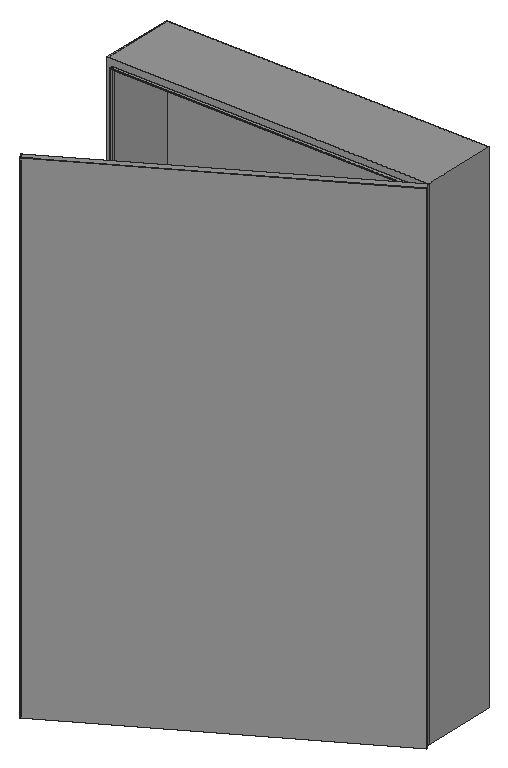
Revit family "Hager-Univers-IP54-D205-H1250-Cl.II-Encl-NoHosted-PT-pt", category Electrical Equipment, Revit 2020
Family settings
  Panel Configuration = Two Columns, Circuits Across
  Round Connector Dimension = Use Diameter
  Part Type = Panelboard
  Work Plane-Based = Yes
  Always vertical = Yes
  Cut with Voids When Loaded = No
  Shared = No
  Room Calculation Point = No
Parameters (values of type "Montagem em superfície (gesso) IP54 L800 A1250 P205  - FP83SW2")
  Width Control [instance] = if([EF000008 - Largura] > Min Width, [EF000008 - Largura], Min Width)  # 800 mm
  Type Comments = [HG000003 - Gama]  # "Univers"
  Thickness Door [instance] = if([EF009171 - Espessura do material da porta/tampa] > 3 mm, 3 mm, [EF009171 - Espessura do material da porta/tampa])  # 1 mm
  Seal Frame Offset [instance] = 17 mm  # constant formula
  Plinth Visibility [instance] = [HG000027 - Altura da Plinta] > 0 mm  # no
  Min Width [instance] = 100 mm  # constant formula
  Min Depth [instance] = (2 * [EF009170 - Espessura do material do invólucro]) + 1 mm  # 3 mm
  Min Height [instance] = 100 mm  # constant formula
  Internal Frame Depth [instance] = (Door System Depth * 0.5)  # 9 mm
  Panel Name [instance] = ""  # (empty or 0)
  Model = ""
  HG000027 - Altura da Plinta = 0 mm
  HG000026 - Instalação no chão = no
  HG000024 - Altura da secção inferior = 600 mm
  HG000023 - Recinto de secção dupla = no
  HG000016 - Visibilidade da porta 3D [instance] = yes
  HG000015 - Visibilidade através da porta [instance] = no
  HG000014 - Porta à direita [instance] = yes
  HG000013 - Porta à esquerda [instance] = not([HG000014 - Porta à direita])  # no
  HG000012 - Ângulo de abertura de porta [instance] = 30.00°
  HG000010 - Portas assimétricas = no
  HG000009 - Porta dupla = no
  HG000006 - Encastrado = no
  HG000004 - Referência do Fabricante = "FP83SW2"
  HG000003 - Gama = "Univers"
  HG000002 - Com porta ou tampa = yes
  Frame Offset Bottom [instance] = 10 mm  # constant formula
  Frame Offset [instance] = 15 mm  # constant formula
  EF015940 - Tampa com libertação de sobrepressão = no
  EF011959 - Grau de proteção (NEMA) = ""
  EF009554 - Número de aberturas para placas de flange = 6
  EF009212 - Tipo de tampa = "EV000116 - Fechado"
  EF009171 - Espessura do material da porta/tampa = 1 mm
  EF009170 - Espessura do material do invólucro = 1 mm
  EF008873 - Corrente nominal (In) = 250 A
  EF007800 - Adequado para proteção contra raios = no
  EF006306 - Com fecho = no
  EF006244 - Tampa/porta transparente = no
  EF005474 - Grau de proteção (IP) = "EV006419 - IP54"
  EF004464 - Tipo de porta = "EV002646 - Único"
  EF004427 - Número de módulos = 288
  EF004293 - Força de impacto = "EV006813 - IK07"
  EF003532 - Adequado para uso no exterior = no
  EF002950 - Largura em número de módulos = 36
  EF001613 - Integridade do circuito = "EV000494 - Nenhum"
  EF001596 - Material do corpo = "EV000179 - Aço"
  EF001131 - Profundidade interior = 130 mm
  EF001088 - Extensão possível = yes
  EF000437 - Número de entradas de condutores = 6
  EF000339 - Tipo de difusor = "EV004216 - Porta"
  EF000266 - Número de linhas = 8
  EF000218 - Profundidade incorporada = 205 mm
  EF000118 - Com tampa de montagem = no
  EF000116 - Número RAL = "9010"
  EF000049 - Profundidade = 205 mm
  EF000040 - Altura = 1250 mm
  EF000008 - Largura = 800 mm
  EF000007 - Cor = "EV000202 - Branco"
  EF000003 - Método de montagem = "EV000384 - Montagem em superfície (gesso)"
  Door System Leaf Tolerance [instance] = 1.5 mm  # constant formula
  Door System Depth [instance] = 18 mm  # constant formula
  Door Height [instance] = Height Control - [HG000027 - Altura da Plinta]  # 1250 mm
  Description = ""
  Default Elevation = 1219.2 mm
  Connector Offset [instance] = Height Control / 2  # 625 mm
  Manufacturer = "Hager"  # constant formula
  Height Control [instance] = if([EF000040 - Altura] > Min Height, [EF000040 - Altura], Min Height)  # 1250 mm
  Depth Control [instance] = if([EF000049 - Profundidade] > Min Depth, [EF000049 - Profundidade], Min Depth)  # 205 mm
  Bottom Top Plate Trim [instance] = 1.5 mm  # constant formula
  Plinth height Ctrl [instance] = if([HG000027 - Altura da Plinta] > 0 mm, [HG000027 - Altura da Plinta], 12 mm)  # 12 mm
Types (5, lengths in mm): name | Width Control | HG000010 - Portas assimétricas | HG000009 - Porta dupla | HG000004 - Referência do Fabricante | EF009554 - Número de aberturas para placas de flange | EF004464 - Tipo de porta | EF004427 - Número de módulos | EF004293 - Força de impacto | EF002950 - Largura em número de módulos | EF000437 - Número de entradas de condutores | EF000008 - Largura
  Montagem em superfície (gesso) IP54 L1050 A1250 P205  - FP84SW2 | 1050 | no | yes | "FP84SW2" | 8 | "EV003602 - Duplo" | 384 | "EV006815 - IK09" | 48 | 8 | 1050
  Montagem em superfície (gesso) IP54 L1300 A1250 P205  - FP85SW2 | 1300 | yes | yes | "FP85SW2" | 10 | "EV003602 - Duplo" | 480 | "EV006815 - IK09" | 60 | 10 | 1300
  Montagem em superfície (gesso) IP54 L300 A1250 P205  - FP81SW2 | 300 | no | no | "FP81SW2" | 2 | "EV002646 - Único" | 96 | "EV006815 - IK09" | 12 | 2 | 300
  Montagem em superfície (gesso) IP54 L550 A1250 P205  - FP82SW2 | 550 | no | no | "FP82SW2" | 4 | "EV002646 - Único" | 192 | "EV006815 - IK09" | 24 | 4 | 550
  Montagem em superfície (gesso) IP54 L800 A1250 P205  - FP83SW2 | 800 | no | no | "FP83SW2" | 6 | "EV002646 - Único" | 288 | "EV006813 - IK07" | 36 | 6 | 800
Reference planes
  plane 1 "Center (Front/Back)": y = 0
  plane 2: z = 0
  plane 3 "Center (Left/Right)": x = 0
  plane 4: y = 0
  plane 5: y = 0
  plane 6: z = 0
  plane 7: x = -400
  plane 8: x = 400
  plane 9: x = 399
  plane 10: x = -399
  plane 11: z = 0
  plane 12: z = 1
  plane 13: y = -205
  plane 14: y = -1
  plane 15: x = 0
  plane 16: y = -187
  plane 17: y = -204
  plane 18: y = -186
  plane 19: x = -384
  plane 20: x = 384
  plane 21: z = 11
  plane 22: x = -383
  plane 23: x = 383
  plane 24: z = 0
  plane 25: z = 1250
  plane 26: z = 1250
  plane 27: z = 1234
  plane 28: z = 1249
Forms (mm)
  Extrusion 1, solid, material "Hager_Steel_RAL7035_Light_Grey", detail levels medium+fine
    sketch origin (-208.679, -4572, 0) x (-1, 0, 0) y (0, -1, 0)
      loop
        line (191.321, -4385) -> (-608.679, -4385) -> (-608.679, -4572) -> (191.321, -4572) -> (191.321, -4385)
    from 0 to 1250
  Extrusion 2, void
    sketch origin (-350.771, -205, 1219.2) x (1, 0, 0) y (0, 0, 1)
      loop
        line (-48.229, 29.8) -> (-48.229, -1218.2) -> (749.771, -1218.2) -> (749.771, 29.8) -> (-48.229, 29.8)
    from -19 to -204
  Extrusion 3, void
    sketch origin (-290.084, -187, 1219.2) x (1, 0, 0) y (0, 0, 1)
      loop
        line (-93.916, -1208.2) -> (674.084, -1208.2) -> (674.084, 14.8) -> (-93.916, 14.8) -> (-93.916, -1208.2)
    from 0 to -1
  Extrusion 4, solid, material "Hager_Steel_RAL7035_Light_Grey", visible <- "Plinth Visibility", detail levels medium+fine
    sketch origin (0, 0, 0) x (1, 0, 0) y (0, 1, 0)
      loop
        line (-400, 0) -> (-400, -187) -> (400, -187) -> (400, 0) -> (-400, 0)
    from 0 to 12 <- "Plinth height Ctrl"
  Extrusion 5, solid, material "Hager_Steel_RAL7035_Light_Grey", detail levels coarse
    sketch origin (0, 0, 0) x (1, 0, 0) y (0, 1, 0)
      loop
        line (-400, 0) -> (-400, -205) -> (400, -205) -> (400, 0) -> (-400, 0)
    from 0 to 1250 <- "Height Control"
  Sweep 6, void
    path in 3D
      loop
        line (-400, -187, 12) -> (400, -187, 12) -> (400, 0, 12) -> (-400, 0, 12) -> (-400, -187, 12)
    profile origin (-400, -93.5, 12) x (1, 0, 0) y (0, 0, 1)
      loop
        line (0, 0) -> (0, -1.5) -> (1.5, -1.5)
        arc (1.5, -1.5) -> (1.061, -0.439) -> (0, 0) r 1.5
  Extrusion 7, solid, material "Hager_Steel_RAL7035_Light_Grey", detail levels fine
    sketch origin (-400, -187, 0) x (1, 0, 0) y (0, 0, 1)
      loop
        line (16, 11) -> (784, 11) -> (784, 1234) -> (16, 1234) -> (16, 11)
      loop
        line (15, 10) -> (785, 10) -> (785, 1235) -> (15, 1235) -> (15, 10)
    from 0 to 9 <- "Internal Frame Depth"
Cuts and joins
  Extrusion 2, Extrusion 3 cuts Extrusion 1
  Sweep 6 cuts Extrusion 4
Lines and regions (mm)
  Masking region 1
    outline origin (0, 0, 0) x (1, 0, 0) y (0, 1, 0)
      loop
        line (-400, 0) -> (-400, -205) -> (400, -205) -> (400, 0) -> (-400, 0)
  Masking region 2, detail levels coarse
    outline origin (-290.084, -187, 1219.2) x (-1, 0, 0) y (0, 0, 1)
      loop
        line (-690.084, -1219.2) -> (109.916, -1219.2) -> (109.916, 30.8) -> (-690.084, 30.8) -> (-690.084, -1219.2)
  Masking region 3, detail levels coarse
    outline origin (0, 0, 0) x (0, 1, 0) y (0, 0, 1)
      loop
        line (0, 0) -> (0, 1250) -> (-205, 1250) -> (-205, 0) -> (0, 0)
  Masking region 4, visible <- "Plinth Visibility", detail levels medium+fine
    outline origin (0, 0, 0) x (0, 1, 0) y (0, 0, 1)
      loop
        line (-1.5, 12) -> (-185.5, 12)
        arc (-185.5, 12) -> (-185.939, 10.939) -> (-187, 10.5) r 1.5
        line (-187, 10.5) -> (-187, 0) -> (0, 0) -> (0, 10.5)
        arc (0, 10.5) -> (-1.061, 10.939) -> (-1.5, 12) r 1.5
  Masking region 5, detail levels medium+fine
    outline origin (0, 0, 594.038) x (0, 1, 0) y (0, 0, 1)
      loop
        line (0, -594.038) -> (0, 655.962) -> (-187, 655.962) -> (-187, -594.038) -> (0, -594.038)
  Masking region 6, detail levels medium+fine
    outline origin (-359.7, -187, 1211.883) x (-1, 0, 0) y (0, 0, 1)
      loop
        line (-759.7, -1211.883) -> (40.3, -1211.883) -> (40.3, 38.117) -> (-759.7, 38.117) -> (-759.7, -1211.883)
  Masking region 7, visible <- "Plinth Visibility", detail levels medium+fine
    outline origin (-320.334, -187, 1041.368) x (-1, 0, 0) y (0, 0, 1)
      loop
        line (-720.334, -1041.368) -> (79.666, -1041.368) -> (79.666, -1030.868)
        arc (79.666, -1030.868) -> (78.606, -1030.429) -> (78.166, -1029.368) r 1.5
        line (78.166, -1029.368) -> (-718.834, -1029.368)
        arc (-718.834, -1029.368) -> (-719.273, -1030.429) -> (-720.334, -1030.868) r 1.5
        line (-720.334, -1030.868) -> (-720.334, -1041.368)
  sketch lines
    curve 1: line (-400, 0, 12) -> (-400, -187, 12)
    curve 2: line (-400, -187, 12) -> (400, -187, 12)
    curve 3: line (400, 0, 12) -> (-400, 0, 12)
    curve 4: line (400, -187, 12) -> (400, 0, 12)
Dimensions and locks
  locked: plane 1 "Center (Front/Back)" to plane 5
  "EF009170 - Espessura do material do invólucro": plane 7 to plane 10
  "EF009170 - Espessura do material do invólucro": plane 8 to plane 9
  equal spacing: plane 7, plane 3 "Center (Left/Right)", plane 8
  "Width Control": plane 7 to plane 8
  "Depth Control": plane 4 to plane 13
  "EF009170 - Espessura do material do invólucro": plane 4 to plane 14
  "Height Control": plane 25 to level
  "HG000027 - Altura da Plinta": plane 11 to level
  "EF009170 - Espessura do material do invólucro": plane 12 to plane 11
  "EF009170 - Espessura do material do invólucro": plane 17 to plane 13
  "EF009170 - Espessura do material do invólucro": plane 18 to plane 16
  "Frame Offset Bottom": plane 21 to plane 12
  "Frame Offset": plane 10 to plane 19
  "Frame Offset": plane 9 to plane 20
  "Door System Depth": plane 16 to plane 13
  "Seal Frame Offset": plane 7 to plane 22
  "Seal Frame Offset": plane 8 to plane 23
  "EF009170 - Espessura do material do invólucro": plane 26 to plane 28
  "Frame Offset": plane 28 to plane 27
  "Connector Offset": plane 2 to connector elem
  "Bottom Top Plate Trim": profile plane to Sweep 6 sketch curve
  "Bottom Top Plate Trim": Sweep 6 sketch curve to Sweep 6 sketch curve
  "Plinth height Ctrl": Masking region 4 sketch curve to level
  "Plinth height Ctrl": Masking region 7 sketch curve to level
  "Thickness Door": Extrusion 7 sketch curve to Extrusion 7 sketch curve  (x4)
  "Bottom Top Plate Trim": radius of Sweep 6 sketch curve
  "Bottom Top Plate Trim": radius of Masking region 4 sketch curve  (x2)
  "Bottom Top Plate Trim": radius of Masking region 7 sketch curve  (x2)
  aligned and locked: Extrusion 2 sketch curve to plane 12
  aligned and locked: Extrusion 2 sketch curve to plane 9
  aligned and locked: Extrusion 2 sketch curve to plane 10
  aligned and locked: Extrusion 2 to plane 14
  aligned and locked: Extrusion 1 sketch curve to plane 4
  aligned and locked: plane 8 to Extrusion 1 sketch curve
  aligned and locked: plane 7 to Extrusion 1 sketch curve
  aligned and locked: Extrusion 2 to plane 18
  aligned and locked: Extrusion 3 sketch curve to plane 19
  aligned and locked: plane 20 to Extrusion 3 sketch curve
  aligned and locked: Extrusion 3 to Extrusion 2
  aligned and locked: Extrusion 3 sketch curve to plane 21
  aligned and locked: plane 3 "Center (Left/Right)" to nested 1
  aligned and locked: Extrusion 1 sketch curve to plane 16
  aligned and locked: Extrusion 4 sketch curve to cut or joined group of Extrusion 1, Extrusion 2, Extrusion 3
  aligned and locked: Masking region 1 sketch curve to plane 7
  aligned and locked: Masking region 1 sketch curve to plane 5
  aligned and locked: Masking region 1 sketch curve to plane 8
  aligned and locked: Masking region 2 sketch curve to level
  aligned and locked: level to Masking region 3 sketch curve
  aligned and locked: plane 1 "Center (Front/Back)" to Masking region 3 sketch curve
  aligned and locked: plane 13 to Masking region 3 sketch curve
  aligned and locked: plane 5 to Masking region 4 sketch curve
  aligned and locked: Masking region 2 sketch curve to plane 8
  aligned and locked: Masking region 2 sketch curve to plane 7
  aligned and locked: plane 7 to nested 2
  aligned and locked: nested 2 to plane 5
  aligned and locked: plane 5 to Masking region 5 sketch curve
  aligned and locked: plane 26 to Masking region 5 sketch curve
  aligned and locked: Extrusion 5 sketch curve to plane 8
  aligned and locked: Extrusion 5 sketch curve to plane 7
  aligned and locked: Extrusion 5 sketch curve to plane 5
  aligned and locked: Extrusion 3 sketch curve to plane 27
  aligned and locked: Extrusion 2 sketch curve to plane 28
  aligned and locked: Masking region 2 to plane 25
  aligned and locked: Extrusion 4 to plane 16
  aligned and locked: profile plane to Sweep 6 sketch curve
  aligned and locked: Masking region 5 sketch curve to plane 24
  aligned and locked: level to Masking region 4 sketch curve
  aligned and locked: Masking region 1 to plane 13
  aligned and locked: nested 1 to plane 16
  aligned and locked: Masking region 3 to plane 25
  aligned and locked: plane 16 to Masking region 4 sketch curve
  aligned and locked: Masking region 5 sketch curve to plane 16
  aligned and locked: plane 24 to plane 11
  aligned and locked: plane 26 to plane 25
  aligned and locked: plane 26 to cut or joined group of Extrusion 1, Extrusion 2, Extrusion 3
  aligned and locked: nested 1 to plane 24
  aligned and locked: Extrusion 1 to Extrusion 3
  aligned and locked: Masking region 6 sketch curve to plane 8
  aligned and locked: Masking region 6 sketch curve to plane 24
  aligned and locked: Masking region 6 sketch curve to plane 7
  aligned and locked: Masking region 6 sketch curve to plane 26
  aligned and locked: Masking region 7 sketch curve to plane 7
  aligned and locked: level to Masking region 7 sketch curve
  aligned and locked: Masking region 7 sketch curve to plane 8
  aligned and locked: Extrusion 7 sketch curve to cut or joined group of Extrusion 1, Extrusion 2, Extrusion 3  (x4)
Automatic sketch dimensions
  plane 19 to Extrusion 3 sketch curve = 0 mm
  Extrusion 3 sketch curve to plane 20 = 0 mm
  Extrusion 3 sketch curve to plane 21 = 0 mm
  Extrusion 4 sketch curve to plane 7 = 0 mm
  Extrusion 4 sketch curve to plane 8 = 0 mm
  Extrusion 4 sketch curve to plane 16 = 0 mm
  Masking region 1 sketch curve to plane 13 = 0 mm
  Masking region 2 sketch curve to plane 25 = 0 mm
  Masking region 3 sketch curve to plane 25 = 0 mm
  Extrusion 5 sketch curve to plane 13 = 0 mm
  profile plane to Sweep 6 sketch curve = 0 mm
Nested families
  nested 1: "EC000058_Univers_Door" at (0, -187, 0), Double <- "HG000009 - Porta dupla", Transparent <- "EF006244 - Tampa/porta transparente", Angle <- "HG000012 - Ângulo de abertura de porta", Door_Right <- "HG000014 - Porta à direita", Assymetrical <- "HG000010 - Portas assimétricas", Door <- "HG000002 - Com porta ou tampa", Width_Ctrl <- "Width Control", 3d_Door <- "HG000016 - Visibilidade da porta 3D", Clearance <- "HG000015 - Visibilidade através da porta", Door_Left <- "HG000013 - Porta à esquerda", Width <- "Width Control", Door_Depth <- "Door System Depth", Leaf_Tolerance <- "Door System Leaf Tolerance", Height <- "Door Height", Lock_Visibility <- "EF006306 - Com fecho", Thickness <- "Thickness Door", type "EC000058_Univers_Door", detail levels medium+fine
    with min_wh 3 mm, Width_Ctrl 800 mm, Width 800 mm, Transparent no, Thickness 1 mm, Seal_Material Hager_Rubber, Lock_Visibility no, Lock_Material Hager_Plastic_RAL9005_Jet_Black, Leaf_Width 800 mm, Leaf_Tolerance_External_Sides 0 mm, Leaf_Tolerance 1.5 mm, Leaf_Offset 0 mm, Leaf_Height 1247 mm, Leaf_2_Width 800 mm, Leaf_2_Offset 400 mm, Leaf_1_Width 800 mm, Leaf_1_Offset 400 mm, Height_Ctrl 1250 mm, Height 1250 mm, Glass_Material Hager_Glass, Double_Clearance_Ctrl no, Double no, Door_Right_Ctrl yes, Door_Right yes, Door_Material Hager_Steel_RAL7035_Light_Grey, Door_Left_Ctrl no, Door_Left no, Door_Depth 18 mm, Door yes, Clearance_Material Hager_Clearance, Clearance_Depth 800 mm, Clearance_Ctrl no, Clearance no, Assymetrical no, Angle 30.00°, 3d_Door yes
  nested 2: "Hager_Enclosure_Symbol" at (-400, 0, 0), Height <- "Depth Control", Width <- "Width Control", type "Hager_Enclosure_Symbol"
    with Width_Ctrl 800 mm, Width 800 mm, Height_Ctrl 205 mm, Height 205 mm, A_Width_Int 13.453 mm, A_Width 161.438 mm, A_Height_Ctrl 179.375 mm, A_Height 179.375 mm
Connectors
  electrical at (0, 0, 625)
    settings: on plane 1 "Center (Front/Back)", index 1, voltage 0 V, apparent load 0 VA, apparent load phase1 0 VA, apparent load phase2 0 VA, apparent load phase3 0 VA, power factor 1, load classification "Other", number of poles 1, system type 30, power factor state 1, is connector primary yes, connector utility no, sub classification motor no, connector description ""
Definition of nested family "EC000058_Univers_Door"
  Parameters (values of type "EC000058_Univers_Door")
    min_wh [instance] = (2 * Thickness) + 1 mm  # 11 mm
    Width_Ctrl [instance] = 400 mm
    Width [instance] = 500 mm
    Transparent [instance] = yes
    Thickness [instance] = 5 mm
    Seal_Material [instance] = none
    Lock_Visibility [instance] = yes
    Lock_Material [instance] = none
    Leaf_Width [instance] = if((Width_Ctrl - 2 * Leaf_Tolerance_External_Sides) > 0 mm, (Width_Ctrl - 2 * Leaf_Tolerance_External_Sides), min_wh)  # 400 mm
    Leaf_Tolerance_External_Sides [instance] = 0 mm  # constant formula
    Leaf_Tolerance [instance] = 1.5 mm
    Leaf_Offset [instance] = 0 mm  # constant formula
    Leaf_Height [instance] = if((Height_Ctrl - 2 * Leaf_Tolerance) > 0 mm, (Height_Ctrl - 2 * Leaf_Tolerance), min_wh)  # 497 mm
    Leaf_2_Width [instance] = if(and(and(Double, Assymetrical), Door_Left), (Leaf_Width / 3) - (Leaf_Tolerance / 2), if(and(and(Double, Assymetrical), Door_Right), (Leaf_Width / 3) * 2 - (Leaf_Tolerance / 2), if(and(Double, not(Assymetrical)), (Leaf_Width / 2) - Leaf_Tolerance, Leaf_Width)))  # 400 mm
    Leaf_2_Offset [instance] = if(and(Double, Assymetrical), Leaf_2_Width / 2, if(and(Double, not(Assymetrical)), Leaf_Width / 4, Leaf_Width / 2))  # 200 mm
    Leaf_1_Width [instance] = if(and(and(Double, Assymetrical), Door_Right), (Leaf_Width / 3) - (Leaf_Tolerance / 2), if(and(and(Double, Assymetrical), Door_Left), (Width / 3) * 2 - (Leaf_Tolerance / 2), if(and(Double, not(Assymetrical)), (Leaf_Width / 2) - Leaf_Tolerance, Leaf_Width)))  # 400 mm
    Leaf_1_Offset [instance] = if(and(Double, Assymetrical), Leaf_1_Width / 2, if(and(Double, not(Assymetrical)), Leaf_Width / 4, Leaf_Width / 2))  # 200 mm
    Height_Ctrl [instance] = if(Height > min_wh, Height, min_wh)  # 500 mm
    Height [instance] = 500 mm
    Glass_Material [instance] = none
    Double_Clearance_Ctrl [instance] = and(Double, Clearance)  # no
    Double [instance] = no
    Door_Right_Ctrl [instance] = and(or(Door_Right, Double), Door)  # yes
    Door_Right [instance] = yes
    Door_Material [instance] = none
    Door_Left_Ctrl [instance] = and(or(Door_Left, Double), Door)  # no
    Door_Left [instance] = no
    Door_Depth [instance] = 30 mm
    Door [instance] = yes
    Default Elevation = 1219.2 mm
    Clearance_Material [instance] = none
    Clearance_Depth [instance] = if(Leaf_1_Width > Leaf_2_Width, Leaf_1_Width, Leaf_2_Width)  # 400 mm
    Clearance_Ctrl [instance] = and(not(Double), Clearance)  # yes
    Clearance [instance] = yes
    Assymetrical [instance] = yes
    Angle [instance] = 30.00°
    3d_Door [instance] = yes
  Reference planes
    plane 1 "Center (Front/Back)": y = 0
    plane 2 "Bottom": z = 0
    plane 3 "Center (Left/Right)": x = 0
    plane 4: z = 500
    plane 5: x = -200
    plane 6: x = 200
    plane 7: z = 500
    plane 8: x = -200
    plane 9: z = 0
    plane 10: x = 200
    plane 11: y = 0
    plane 12: z = 1.5
    plane 13: x = -600
    plane 14: y = -400
    plane 15: x = 600
    plane 16: x = 0
    plane 17: x = 0
    plane 18: x = -200
    plane 19: x = 200
    plane 20: z = 498.5
  Forms (mm)
    Extrusion 1, solid, material <- "Clearance_Material", visible <- "Double_Clearance_Ctrl"
      sketch origin (1200, 0, 0) x (1, 0, 0) y (0, 0, -1)
        loop
          line (-1800, -498.5) -> (-600, -498.5) -> (-600, 0) -> (-1800, 0) -> (-1800, -498.5)
      from 0 to -400
  Dimensions and locks
    equal spacing: plane 5, plane 3 "Center (Left/Right)", plane 6
    "Width_Ctrl": plane 5 to plane 6
    "Leaf_Offset": plane 5 to plane 8
    "Leaf_Offset": plane 6 to plane 10
    "Leaf_Offset": plane 9 to level
    "Leaf_Offset": plane 4 to plane 7
    "Height_Ctrl": plane 4 to level
    "Leaf_Tolerance": plane 12 to plane 9
    locked: plane 11 to plane 1 "Center (Front/Back)"
    "Leaf_1_Offset": plane 18 to plane 16
    "Leaf_2_Offset": plane 17 to plane 19
    "Leaf_1_Width": plane 13 to plane 8
    "Leaf_2_Width": plane 10 to plane 15
    "Clearance_Depth": plane 14 to plane 1 "Center (Front/Back)"
    "Leaf_Tolerance_External_Sides": plane 8 to plane 18
    "Leaf_Tolerance_External_Sides": plane 19 to plane 10
    "Leaf_Tolerance": plane 7 to plane 20
    aligned and locked: level to plane 2 "Bottom"
    aligned and locked: nested 1 to plane 16
    aligned and locked: nested 2 to plane 17
    aligned and locked: Extrusion 1 to plane 13
    aligned and locked: plane 15 to Extrusion 1
    aligned and locked: Extrusion 1 to plane 14
    aligned and locked: plane 12 to nested 1
    aligned and locked: nested 2 to plane 12
    aligned and locked: Extrusion 1 to plane 11
    aligned and locked: plane 20 to Extrusion 1
    aligned and locked: nested 2 to plane 11
    aligned and locked: nested 1 to plane 11
  Automatic sketch dimensions
    Extrusion 1 sketch curve to level = 0 mm
    plane 5 to Extrusion 1 sketch curve = 400 mm
    plane 6 to Extrusion 1 sketch curve = 400 mm
    Extrusion 1 sketch curve to plane 4 = 1.5 mm
  Nested families
    nested 1: "EC000058_Univers_Door_Leaf" at (0, 0, 1.5), Width <- "Leaf_1_Width", visible <- "Door_Left_Ctrl", Leaf_Height <- "Leaf_Height", Angle <- "Angle", 3d_Door <- "3d_Door", Transparent <- "Transparent", Clearance Material <- "Clearance_Material", Clearance <- "Clearance_Ctrl", Door_Material <- "Door_Material", Glass_Material <- "Glass_Material", Door_Depth <- "Door_Depth", Lock_Material <- "Lock_Material", Seal_Material <- "Seal_Material", Lock_Visibility <- "Lock_Visibility", Thickness <- "Thickness", type "EC000058_Univers_Door_Leaf"
      with Width 400 mm, Transparent_Glass_Offset 30 mm, Transparent_Ctrl yes, Transparent yes, Thickness 5 mm, Standard no, Seal_Material none, Seal_D2 8 mm, Seal_D1 1 mm, Offset_Internal_Frame 10 mm, Lock_Width 20 mm, Lock_Visibility_3d yes, Lock_Visibility yes, Lock_Thickness_3 3 mm, Lock_Thickness_2 1 mm, Lock_Thickness_1 3 mm, Lock_Radius_Offset_2 16 mm, Lock_Radius_Offset_1 15 mm, Lock_Radius_2 5 mm, Lock_Radius 6 mm, Lock_Offset 5 mm, Lock_Material none, Lock_Height 80 mm, Lock_Cover_Top_Offset_2d 17 mm, Lock_Cover_Height -65 mm, Leaf_Height 497 mm, Internal_Seal_Thickness 8 mm, Internal_Seal_Depth_2 4.5 mm, Internal_Frame_Depth 25 mm, Glass_Thickness -1 mm, Glass_Offset -2 mm, Glass_Material none, Door_Material none, Door_Depth 30 mm, Clearance Material none, Clearance yes, Angle_Ctrl 30.00°, Angle 30.00°, 3d_Door yes
    nested 2: "EC000058_Univers_Door_Leaf" at (0, 0, 1.5) x (-1, 0, 0) z (0, 0, 1), Width <- "Leaf_2_Width", visible <- "Door_Right_Ctrl", Leaf_Height <- "Leaf_Height", Angle <- "Angle", 3d_Door <- "3d_Door", Transparent <- "Transparent", Clearance Material <- "Clearance_Material", Clearance <- "Clearance_Ctrl", Door_Material <- "Door_Material", Glass_Material <- "Glass_Material", Door_Depth <- "Door_Depth", Lock_Material <- "Lock_Material", Seal_Material <- "Seal_Material", Lock_Visibility <- "Lock_Visibility", Thickness <- "Thickness", type "EC000058_Univers_Door_Leaf"
      with Width 400 mm, Transparent_Glass_Offset 30 mm, Transparent_Ctrl yes, Transparent yes, Thickness 5 mm, Standard no, Seal_Material none, Seal_D2 8 mm, Seal_D1 1 mm, Offset_Internal_Frame 10 mm, Lock_Width 20 mm, Lock_Visibility_3d yes, Lock_Visibility yes, Lock_Thickness_3 3 mm, Lock_Thickness_2 1 mm, Lock_Thickness_1 3 mm, Lock_Radius_Offset_2 16 mm, Lock_Radius_Offset_1 15 mm, Lock_Radius_2 5 mm, Lock_Radius 6 mm, Lock_Offset 5 mm, Lock_Material none, Lock_Height 80 mm, Lock_Cover_Top_Offset_2d 17 mm, Lock_Cover_Height -65 mm, Leaf_Height 497 mm, Internal_Seal_Thickness 8 mm, Internal_Seal_Depth_2 4.5 mm, Internal_Frame_Depth 25 mm, Glass_Thickness -1 mm, Glass_Offset -2 mm, Glass_Material none, Door_Material none, Door_Depth 30 mm, Clearance Material none, Clearance yes, Angle_Ctrl 30.00°, Angle 30.00°, 3d_Door yes
  Definition of nested family "EC000058_Univers_Door_Leaf"
    Parameters (values of type "EC000058_Univers_Door_Leaf")
      Width [instance] = 2000 mm
      Transparent_Glass_Offset [instance] = 30 mm
      Transparent_Ctrl [instance] = and(Transparent, [3d_Door])  # yes
      Transparent [instance] = yes
      Thickness [instance] = 5 mm
      Standard [instance] = and(not(Transparent), [3d_Door])  # no
      Seal_Material [instance] = none
      Seal_D2 [instance] = 8 mm  # constant formula
      Seal_D1 [instance] = 1 mm  # constant formula
      Offset_Internal_Frame [instance] = 10 mm  # constant formula
      Lock_Width [instance] = 20 mm  # constant formula
      Lock_Visibility_3d [instance] = and(Lock_Visibility, [3d_Door])  # yes
      Lock_Visibility [instance] = yes
      Lock_Thickness_3 [instance] = 3 mm  # constant formula
      Lock_Thickness_2 [instance] = 1 mm  # constant formula
      Lock_Thickness_1 [instance] = 3 mm  # constant formula
      Lock_Radius_Offset_2 [instance] = Lock_Radius_Offset_1 + 1 mm  # 16 mm
      Lock_Radius_Offset_1 [instance] = 15 mm  # constant formula
      Lock_Radius_2 [instance] = Lock_Radius - 1 mm  # 5 mm
      Lock_Radius [instance] = 6 mm  # constant formula
      Lock_Offset [instance] = 5 mm  # constant formula
      Lock_Material [instance] = none
      Lock_Height [instance] = 80 mm  # constant formula
      Lock_Cover_Top_Offset_2d [instance] = Lock_Radius_Offset_2 + 1 mm  # 17 mm
      Lock_Cover_Height [instance] = -(Lock_Height - Lock_Radius_Offset_1)  # -65 mm
      Leaf_Height [instance] = 2720.336 mm
      Internal_Seal_Thickness [instance] = 8 mm  # constant formula
      Internal_Seal_Depth_2 [instance] = 4.5 mm  # constant formula
      Internal_Frame_Depth [instance] = if(Door_Depth - Thickness > 5 mm, Door_Depth - Thickness, 5 mm)  # 25 mm
      Glass_Thickness [instance] = if(Thickness > 15 mm, Glass_Offset + 10 mm, -1 mm)  # -1 mm
      Glass_Offset [instance] = if(Thickness > 15 mm, -(Thickness + 10 mm) / 2, -2 mm)  # -2 mm
      Glass_Material [instance] = none
      Door_Material [instance] = none
      Door_Depth [instance] = 30 mm
      Default Elevation = 0 mm
      Clearance Material [instance] = none
      Clearance [instance] = yes
      Angle_Ctrl [instance] = if(Angle > 180.00°, 180.00°, Angle)  # 90.00°
      Angle [instance] = 90.00°
      3d_Door [instance] = yes
    Reference planes
      plane 1 "Center (Front/Back)": y = 0
      plane 2: z = 0
      plane 3 "Center (Left/Right)": x = 0
      plane 4: y = 2000
      plane 5: x = -1000
      plane 6: x = 1000
      plane 7: x = -3000
      plane 8: z = 2720.336
      plane 9: z = 30
      plane 10: z = 2690.336
      plane 11: x = 970
      plane 12: x = -970
      plane 13: y = -3
      plane 14: z = 107.833
      plane 15: y = -5
      plane 16: y = -223.314
      plane 17: x = -1000
      plane 18: z = 1360.168
      plane 19: y = 30
    Forms (mm)
      Extrusion 1, solid, material <- "Clearance Material", visible <- "Clearance"
        sketch origin (0, 0, 0) x (1, 0, 0) y (0, 0, 1)
          loop
            line (-3000, 2720.336) -> (-3000, 0) -> (1000, 0) -> (1000, 2720.336) -> (-3000, 2720.336)
        from 0 to -2000
      Extrusion 2, solid, material <- "Door_Material", visible <- "Standard", detail levels medium+fine
        sketch origin (-1000, 0, 0) x (0, 1, 0) y (-1, 0, 0)
          loop
            line (0, 30) -> (0, 25) -> (2000, 25) -> (2000, 30) -> (0, 30)
        from 0 to 2720.336 <- "Leaf_Height"
      Extrusion 3, solid, material <- "Door_Material", visible <- "Transparent_Ctrl", detail levels medium+fine
        sketch origin (-1000, 0, 0) x (0, 1, 0) y (-1, 0, 0)
          loop
            line (0, 25) -> (2000, 25) -> (2000, 30) -> (0, 30) -> (0, 25)
        from 0 to 2720.336 <- "Leaf_Height"
      Extrusion 4, void
        sketch origin (-1025, 2000, 0) x (0, 1, 0) y (0, 0, -1)
          loop
            line (-30, -2690.336) -> (-30, -30) -> (-1970, -30) -> (-1970, -2690.336) -> (-30, -2690.336)
        from 0 to 5 <- "Thickness"
      Sweep 5, solid, material <- "Seal_Material", visible <- "Transparent_Ctrl", detail levels fine
        path in 3D
          loop
            line (-1025, 30, 30) -> (-1025, 30, 2690.336) -> (-1025, 1970, 2690.336) -> (-1025, 1970, 30) -> (-1025, 30, 30)
        profile origin (-1025, 1000, 30) x (1, 0, 0) y (0, 0, 1)
          loop
            line (0, 0) -> (0, -8) -> (1, -8) -> (1, 0) -> (0, 0)
      Extrusion 6, solid, material <- "Glass_Material", visible <- "Transparent_Ctrl", detail levels medium+fine
        sketch origin (-1030, 0, 0) x (0, 1, 0) y (0, 0, -1)
          loop
            line (1970, -2690.336) -> (1970, -30) -> (30, -30) -> (30, -2690.336) -> (1970, -2690.336)
        from -2 <- "Glass_Offset" to -1 <- "Glass_Thickness"
      Extrusion 7, solid, material <- "Door_Material", visible <- "3d_Door", detail levels medium+fine
        sketch origin (-1025, 2000, 0) x (0, -1, 0) y (0, 0, -1)
          loop
            line (0, -2720.336) -> (2000, -2720.336) -> (2000, 0) -> (0, 0) -> (0, -2720.336)
          loop
            line (1995, -5) -> (5, -5) -> (5, -2715.336) -> (1995, -2715.336) -> (1995, -5)
        from 0 to 25 <- "Internal_Frame_Depth"
      Sweep 8, solid, material <- "Seal_Material", visible <- "Transparent_Ctrl", detail levels fine
        path in 3D
          loop
            line (-1025, 0, 0) -> (-1025, 2000, 0) -> (-1025, 2000, 2720.336) -> (-1025, 0, 2720.336) -> (-1025, 0, 0)
        profile origin (-1025, 0, 1360.168) x (1, 0, 0) y (0, 1, 0)
          loop
            line (0, 10) -> (2.975, 10)
            arc (2.975, 10) -> (4.053, 10.447) -> (4.5, 11.525) r 1.525
            line (4.5, 11.525) -> (4.5, 16.527)
            arc (4.5, 16.527) -> (4.069, 17.569) -> (3.027, 18) r 1.473
            line (3.027, 18) -> (0, 18) -> (0, 10)
      Extrusion 9, solid, material <- "Lock_Material", visible <- "Lock_Visibility_3d", detail levels fine
        sketch origin (-1030, 0, 0) x (0, 1, 0) y (0, 0, -1)
          loop
            arc (1993.5, -1400.168) -> (1994.561, -1399.729) -> (1995, -1398.668) r 1.5
            line (1995, -1398.668) -> (1995, -1320.168) -> (1975, -1320.168) -> (1975, -1398.668)
            arc (1975, -1398.668) -> (1975.439, -1399.729) -> (1976.5, -1400.168) r 1.5
            line (1976.5, -1400.168) -> (1993.5, -1400.168)
        from 3 <- "Lock_Thickness_1" to 0
      Blend 10, solid, material <- "Lock_Material", visible <- "Lock_Visibility_3d", detail levels fine
        base sketch origin (-1033, 0, 0) x (0, 1, 0) y (0, 0, -1)
          loop
            line (1975, -1320.168) -> (1975, -1398.668)
            arc (1975, -1398.668) -> (1975.439, -1399.729) -> (1976.5, -1400.168) r 1.5
            line (1976.5, -1400.168) -> (1993.5, -1400.168)
            arc (1993.5, -1400.168) -> (1994.561, -1399.729) -> (1995, -1398.668) r 1.5
            line (1995, -1398.668) -> (1995, -1320.168) -> (1975, -1320.168)
        top sketch origin (-1033, 0, 0) x (0, 1, 0) y (0, 0, -1)
          loop
            line (1976, -1320.168) -> (1976, -1398.668)
            arc (1976, -1398.668) -> (1976.146, -1399.022) -> (1976.5, -1399.168) r 0.5
            line (1976.5, -1399.168) -> (1993.5, -1399.168)
            arc (1993.5, -1399.168) -> (1993.854, -1399.022) -> (1994, -1398.668) r 0.5
            line (1994, -1398.668) -> (1994, -1320.168) -> (1976, -1320.168)
        from 0 to 1 <- "Lock_Thickness_2"
      Blend 11, solid, material <- "Lock_Material", visible <- "Lock_Visibility_3d", detail levels fine
        base sketch origin (-1034, 0, 0) x (0, 1, 0) y (0, 0, -1)
          loop
            line (1978, -1320.168) -> (1978, -1384.168)
            arc (1978, -1384.168) -> (1985, -1391.168) -> (1992, -1384.168) r 7
            line (1992, -1384.168) -> (1992, -1320.168) -> (1978, -1320.168)
        top sketch origin (-1034, 0, 0) x (0, 1, 0) y (0, 0, -1)
          loop
            line (1991, -1320.168) -> (1979, -1320.168) -> (1979, -1383.168)
            arc (1979, -1383.168) -> (1985, -1389.168) -> (1991, -1383.168) r 6
            line (1991, -1383.168) -> (1991, -1320.168)
        from 0 to 3 <- "Lock_Thickness_3"
      Extrusion 12, solid, material <- "Lock_Material", visible <- "Lock_Visibility_3d", detail levels fine
        sketch origin (-1030, 1975, 1320.168) x (1, 0, 0) y (0, -1, 0)
          loop
            line (-7, -19) -> (-7, -1) -> (0, -1) -> (0, 0) -> (-8, 0) -> (-8, -20) -> (0, -20) -> (0, -19) -> (-7, -19)
        from 0 to -65 <- "Lock_Cover_Height"
      Extrusion 13, void
        sketch origin (-1038, 1995, 1320.168) x (-1, 0, 0) y (0, 0, -1)
          loop
            line (-5, -65) -> (0, -65) -> (-5, -60) -> (-5, -65)
        from 0 to 20 <- "Lock_Width"
      Extrusion 14, void
        sketch origin (-1038, 1975, 1320.168) x (0, -1, 0) y (0, 0, -1)
          loop
            circle (-10, -15.995) r 6
          loop
            circle (-10, -15.995) r 5
        from 0 to 2
      Extrusion 15, solid, material <- "Lock_Material", visible <- "Lock_Visibility_3d", detail levels medium
        sketch origin (-1030, 0, 0) x (0, 1, 0) y (0, 0, -1)
          loop
            arc (1993.5, -1400.168) -> (1994.561, -1399.729) -> (1995, -1398.668) r 1.5
            line (1995, -1398.668) -> (1995, -1320.168) -> (1975, -1320.168) -> (1975, -1398.668)
            arc (1975, -1398.668) -> (1975.439, -1399.729) -> (1976.5, -1400.168) r 1.5
            line (1976.5, -1400.168) -> (1993.5, -1400.168)
        from 8 to 0
    Cuts and joins
      Extrusion 4 cuts Extrusion 3
      Extrusion 13, Extrusion 14 cuts Extrusion 9
      Extrusion 14 cuts Blend 11
      Extrusion 13, Extrusion 14 cuts Extrusion 12
      joined: Extrusion 9, Blend 10, Blend 11, Extrusion 12
      Extrusion 14 cuts Extrusion 15
    Lines and regions (mm)
      Masking region 1, visible <- "Lock_Visibility", detail levels fine
        outline origin (0, 0, 0) x (0, 1, 0) y (0, 0, 1)
          loop
            line (30, 1320.168) -> (33, 1320.168) -> (33, 1400.168) -> (30, 1400.168) -> (30, 1320.168)
      Masking region 2, visible <- "Lock_Visibility", detail levels fine
        outline origin (0, 3.143, 0) x (0, 1, 0) y (0, 0, 1)
          loop
            line (29.857, 1354.168) -> (30.857, 1354.168) -> (30.857, 1366.168) -> (29.857, 1366.168) -> (29.857, 1354.168)
      Masking region 3, detail levels medium+fine
        outline origin (0, 0, 0) x (0, 1, 0) y (0, 0, 1)
          loop
            line (0, 0) -> (30, 0) -> (30, 2720.336) -> (0, 2720.336) -> (0, 0)
      Masking region 4, detail levels medium+fine
        outline origin (0, 0, 0) x (1, 0, 0) y (0, 0, 1)
          loop
            line (-1000, 2720.336) -> (-1000, 0) -> (1000, 0) -> (1000, 2720.336) -> (-1000, 2720.336)
      Masking region 5, visible <- "Lock_Visibility", detail levels fine
        outline origin (-47.116, 0, 0) x (1, 0, 0) y (0, 0, 1)
          loop
            arc (1024.616, 1399.168) -> (1023.556, 1398.729) -> (1023.116, 1397.668) r 1.5
            line (1023.116, 1397.668) -> (1023.116, 1320.168) -> (1041.116, 1320.168) -> (1041.116, 1397.668)
            arc (1041.116, 1397.668) -> (1040.677, 1398.729) -> (1039.616, 1399.168) r 1.5
            line (1039.616, 1399.168) -> (1024.616, 1399.168)
      Masking region 6, visible <- "Lock_Visibility", detail levels medium+fine
        outline origin (-25, 0, 0) x (1, 0, 0) y (0, 0, 1)
          loop
            arc (1001.5, 1400.168) -> (1000.439, 1399.729) -> (1000, 1398.668) r 1.5
            line (1000, 1398.668) -> (1000, 1320.168) -> (1020, 1320.168) -> (1020, 1398.668)
            arc (1020, 1398.668) -> (1019.561, 1399.729) -> (1018.5, 1400.168) r 1.5
            line (1018.5, 1400.168) -> (1001.5, 1400.168)
      Masking region 7, visible <- "Lock_Visibility", detail levels fine
        outline origin (-73.735, 0, 0) x (1, 0, 0) y (0, 0, 1)
          loop
            line (1051.735, 1382.168) -> (1065.735, 1382.168) -> (1065.735, 1384.168)
            arc (1065.735, 1384.168) -> (1058.735, 1391.168) -> (1051.735, 1384.168) r 7
            line (1051.735, 1384.168) -> (1051.735, 1382.168)
      Masking region 8, visible <- "Lock_Visibility", detail levels fine
        outline origin (-73.735, 0, 0) x (1, 0, 0) y (0, 0, 1)
          loop
            line (1052.735, 1382.168) -> (1064.735, 1382.168) -> (1064.735, 1383.168)
            arc (1064.735, 1383.168) -> (1058.735, 1389.168) -> (1052.735, 1383.168) r 6
            line (1052.735, 1383.168) -> (1052.735, 1382.168)
      Masking region 9, visible <- "Lock_Visibility", detail levels fine
        outline origin (-25, 0, 0) x (1, 0, 0) y (0, 0, 1)
          loop
            line (1020, 1320.168) -> (1020, 1382.168) -> (1000, 1382.168) -> (1000, 1320.168) -> (1020, 1320.168)
      Masking region 10, detail levels medium+fine
        outline origin (0, 0, 0) x (1, 0, 0) y (0, 0, 1)
          loop
            circle (985, 1335.144) r 6
      Masking region 11, detail levels fine
        outline origin (0, 0, 0) x (1, 0, 0) y (0, 0, 1)
          loop
            circle (985, 1335.144) r 5
      Masking region 12, visible <- "Lock_Visibility", detail levels fine
        outline origin (0, 12.767, 0) x (0, 1, 0) y (0, 0, 1)
          loop
            line (20.233, 1320.168) -> (21.233, 1320.168) -> (21.233, 1399.168) -> (20.233, 1400.168) -> (20.233, 1320.168)
      Masking region 13, visible <- "Lock_Visibility", detail levels fine
        outline origin (0, 13.767, -10) x (0, 1, 0) y (0, 0, 1)
          loop
            line (20.233, 1330.168) -> (23.233, 1330.168) -> (23.233, 1399.168) -> (20.233, 1402.168) -> (20.233, 1330.168)
      Masking region 14, visible <- "Lock_Visibility", detail levels fine
        outline origin (0, 12.767, -10) x (0, 1, 0) y (0, 0, 1)
          loop
            line (20.233, 1330.168) -> (25.233, 1330.168) -> (25.233, 1399.305) -> (20.233, 1394.305) -> (20.233, 1330.168)
      Masking region 15, visible <- "Lock_Visibility", detail levels medium
        outline origin (0, 0, 0) x (0, 1, 0) y (0, 0, 1)
          loop
            line (30, 1320.168) -> (38, 1320.168) -> (38, 1400.168) -> (30, 1400.168) -> (30, 1320.168)
      Masking region 16, visible <- "Lock_Visibility", detail levels fine
        outline origin (-1000, 0, 0) x (0, 1, 0) y (-1, 0, 0)
          loop
            line (1975, 30) -> (1995, 30) -> (1995, 38) -> (1975, 38) -> (1975, 30)
          loop
            line (1979, 37) -> (1976, 37) -> (1976, 34) -> (1978, 34) -> (1979, 37)
          loop
            line (1994, 37) -> (1991, 37) -> (1992, 34) -> (1994, 34) -> (1994, 37)
      Masking region 17, visible <- "Lock_Visibility", detail levels medium
        outline origin (-1000, 0, 0) x (0, 1, 0) y (-1, 0, 0)
          loop
            line (1975, 30) -> (1995, 30) -> (1995, 38) -> (1975, 38) -> (1975, 30)
      symbolic lines
        curve 1: line (1000, 0, 0) -> (-3000, 0, 0)
        curve 2: arc (1000, 0, 0) -> (-1000, 2000, 0) -> (-3000, 0, 0) r 2000
        curve 4: line (-1030, 0, 0) -> (-1030, 2000, 0)
      reference lines
        curve 3: line (-1000, 0, 0) -> (-1000, 2000, 0)
      symbolic lines, detail levels medium+fine
        curve 5: line (-1030, 2000, 0) -> (-1025, 2000, 0)
        curve 7: line (-1025, 0, 0) -> (-1030, 0, 0)
        curve 8: line (-1025, 0, 0) -> (-1000, 0, 0)
        curve 9: line (-1000, 0, 0) -> (-1000, 2000, 0)
        curve 10: line (-1000, 2000, 0) -> (-1025, 2000, 0)
      symbolic lines, detail levels fine
        curve 6: line (-1025, 2000, 0) -> (-1025, 0, 0)
      sketch lines
        curve 11: line (-1025, 0, 2720.336) -> (-1025, 0, 0)
        curve 12: line (-1025, 2000, 0) -> (-1025, 0, 0)
        curve 13: line (-1025, 2000, 2720.336) -> (-1025, 2000, 0)
        curve 14: line (-1025, 0, 2720.336) -> (-1025, 2000, 2720.336)
        curve 15: line (-1025, 1970, 30) -> (-1025, 30, 30)
        curve 16: line (-1025, 30, 30) -> (-1025, 30, 2690.336)
        curve 17: line (-1025, 1970, 2690.336) -> (-1025, 1970, 30)
        curve 18: line (-1025, 30, 2690.336) -> (-1025, 1970, 2690.336)
      symbolic lines, visible <- "Transparent", detail levels medium+fine
        curve 19: line (-970, 0, 2690.336) -> (970, 0, 2690.336)
        curve 20: line (-970, 0, 30) -> (-970, 0, 2690.336)
        curve 21: line (970, 0, 30) -> (-970, 0, 30)
        curve 22: line (970, 0, 2690.336) -> (970, 0, 30)
    Dimensions and locks
      "Width": plane 1 "Center (Front/Back)" to plane 4
      equal spacing: plane 5, plane 3 "Center (Left/Right)", plane 6
      "Width": plane 5 to plane 6
      "Width": plane 7 to plane 5
      "Leaf_Height": plane 8 to level
      "Width": curve 5 to curve 3
      "Width": curve 3 to curve 3
      plane 8 to plane 10 = 30 mm
      plane 9 to level = 30 mm
      plane 12 to plane 5 = 30 mm
      plane 6 to plane 11 = 30 mm
      Extrusion 1 to Extrusion 4 sketch curve = 30 mm
      "Transparent_Glass_Offset": curve 3 to Extrusion 4 sketch curve
      "Transparent_Glass_Offset": Extrusion 4 sketch curve to cut or joined group of Extrusion 3, Extrusion 4  (x2)
      cut or joined group of Extrusion 3, Extrusion 4 to Extrusion 6 sketch curve = 30 mm
      "Transparent_Glass_Offset": cut or joined group of Extrusion 3, Extrusion 4 to Extrusion 4 sketch curve
      "Thickness": curve 6 to curve 4
      "Thickness": Extrusion 7 sketch curve to Extrusion 7 sketch curve  (x4)
      "Door_Depth": curve 4 to curve 3
      "Offset_Internal_Frame": profile plane to Sweep 8 sketch curve
      "Internal_Seal_Thickness": Sweep 8 sketch curve to Sweep 8 sketch curve
      "Internal_Seal_Depth_2": profile plane to Sweep 8 sketch curve
      "Seal_D1": profile plane to Sweep 5 sketch curve
      "Seal_D2": profile plane to Sweep 5 sketch curve
      "Thickness": Extrusion 2 sketch curve to Extrusion 2 sketch curve
      equal spacing: Extrusion 9 sketch curve, plane 18, Extrusion 9 sketch curve  (x2)
      equal spacing: Masking region 1 sketch curve, plane 18, Masking region 1 sketch curve
      "Lock_Height": Masking region 1 sketch curve to Masking region 1 sketch curve
      "Lock_Radius": Masking region 2 sketch curve to plane 18 to Masking region 2 sketch curve
      Masking region 2 sketch curve to Masking region 1 = 1 mm
      "Door_Depth": plane 19 to plane 1 "Center (Front/Back)"
      "Lock_Thickness_1": Masking region 1 sketch curve to plane 19
      "Lock_Width": Extrusion 9 sketch curve to Extrusion 9 sketch curve
      "Lock_Height": Extrusion 9 sketch curve to Extrusion 9 sketch curve
      "Lock_Offset": cut or joined group of Extrusion 3, Extrusion 4 to Extrusion 9 sketch curve
      equal spacing: plane 8, plane 18, level
      "Lock_Radius_Offset_1": Blend 11 sketch curve to Blend 10
      locked: Blend 10 to Blend 11 sketch curve at 2  (x2)
      locked: var sketch to Blend 11 sketch curve at 1  (x2)
      "Lock_Radius_Offset_2": Blend 11 sketch curve to Blend 10
      locked: Extrusion 12 sketch curve to Extrusion 12 sketch curve at 1  (x3)
      Masking region 6 sketch curve to Masking region 6 sketch curve = 80 mm
      "Lock_Height": Masking region 6 sketch curve to Masking region 6 sketch curve
      "Lock_Width": Masking region 6 sketch curve to Masking region 6 sketch curve
      locked: Masking region 6 to Masking region 5 sketch curve at 1  (x3)
      locked: Masking region 5 to Masking region 7 sketch curve at 2  (x2)
      "Lock_Radius_Offset_1": Masking region 5 to Masking region 7 sketch curve
      "Lock_Radius_Offset_2": Masking region 5 to Masking region 8 sketch curve
      locked: Masking region 7 to Masking region 8 sketch curve at 1  (x2)
      "Lock_Cover_Top_Offset_2d": Masking region 5 to Masking region 9 sketch curve
      equal spacing: Masking region 9, Masking region 10 sketch curve, Masking region 9
      equal spacing: Masking region 9, Masking region 11 sketch curve, Masking region 9
      Extrusion 15 sketch curve to Extrusion 15 sketch curve = 80 mm
      "Lock_Width": Extrusion 15 sketch curve to Extrusion 15 sketch curve
      "Lock_Height": Extrusion 15 sketch curve to Extrusion 15 sketch curve
      equal spacing: Extrusion 15 sketch curve, plane 18, Extrusion 15 sketch curve
      "Lock_Thickness_3": Masking region 13 sketch curve to Masking region 13 sketch curve
      "Lock_Height": Masking region 12 sketch curve to Masking region 12 sketch curve
      locked: Masking region 13 sketch curve to Masking region 1 at 8
      locked: Masking region 14 sketch curve to Masking region 13 at 1
      locked: Masking region 14 sketch curve to Masking region 1 at 10.863
      "Lock_Height": Masking region 15 sketch curve to Masking region 15 sketch curve
      "Lock_Offset": Extrusion 15 sketch curve to cut or joined group of Extrusion 3, Extrusion 4
      "Lock_Offset": plane 6 to Masking region 6 sketch curve
      radius of Sweep 8 sketch curve = 1.525 mm
      radius of Sweep 8 sketch curve = 1.473 mm
      radius of Extrusion 9 sketch curve = 1.5 mm  (x2)
      "Lock_Radius": radius of Extrusion 14 sketch curve
      "Lock_Radius_2": radius of Extrusion 14 sketch curve
      "Lock_Radius": radius of Masking region 10 sketch curve
      "Lock_Radius_2": radius of Masking region 11 sketch curve
      radius of Extrusion 15 sketch curve = 1.5 mm  (x2)
      "Angle_Ctrl": angle plane 1 "Center (Front/Back)" to curve 3
      locked: Masking region 12 sketch curve to Masking region 12 sketch curve (angle 45.00°)
      locked: Masking region 13 sketch curve to Masking region 13 sketch curve (angle 45.00°)
      locked: Masking region 14 sketch curve to Masking region 14 sketch curve (angle 45.00°)
      aligned and locked: level to plane 2
      aligned and locked: Extrusion 1 to curve 1
      aligned and locked: plane 6 to Extrusion 1
      aligned and locked: Extrusion 1 to plane 1 "Center (Front/Back)"
      aligned and locked: plane 4 to Extrusion 1
      aligned and locked: plane 8 to Extrusion 1
      aligned and locked: curve 7 to Extrusion 2 sketch curve
      aligned and locked: curve 5 to Extrusion 2 sketch curve
      aligned and locked: curve 7 to Extrusion 3 sketch curve
      aligned and locked: Extrusion 3 sketch curve to curve 4
      aligned and locked: Extrusion 3 sketch curve to curve 6
      aligned and locked: Extrusion 3 sketch curve to curve 5
      aligned and locked: curve 9 to curve 3
      aligned and locked: Extrusion 7 sketch curve to cut or joined group of Extrusion 3, Extrusion 4  (x4)
      aligned and locked: plane 17 to curve 3
      aligned and locked: plane 1 "Center (Front/Back)" to curve 3
      aligned and locked: plane 17 to plane 5
      aligned and locked: Sweep 8 sketch curve to profile plane
      aligned and locked: Sweep 5 sketch curve to profile plane  (x2)
      aligned and locked: Masking region 1 to Masking region 2 sketch curve
      aligned and locked: plane 19 to Masking region 1 sketch curve
      aligned and locked: plane 1 "Center (Front/Back)" to Masking region 3 sketch curve
      aligned and locked: plane 19 to Masking region 3 sketch curve
      aligned and locked: level to Masking region 3 sketch curve
      aligned and locked: Masking region 3 sketch curve to plane 8
      aligned and locked: plane 17 to Masking region 4 sketch curve
      aligned and locked: level to Masking region 4 sketch curve
      aligned and locked: Masking region 4 sketch curve to plane 8
      aligned and locked: plane 12 to curve 20
      aligned and locked: plane 10 to curve 19
      aligned and locked: plane 11 to curve 22
      aligned and locked: curve 21 to plane 9
      aligned and locked: Extrusion 2 sketch curve to cut or joined group of Extrusion 3, Extrusion 4
      aligned and locked: Blend 10 sketch curve to Extrusion 9  (x4)
      aligned and locked: Extrusion 9 to Blend 10 sketch curve
      aligned and locked: Blend 10 to Blend 11 sketch curve
      aligned and locked: Extrusion 12 sketch curve to Blend 11
      aligned and locked: Extrusion 12 sketch curve to Extrusion 9  (x4)
      aligned and locked: Masking region 5 sketch curve to Masking region 6
      aligned and locked: Masking region 9 sketch curve to Masking region 6  (x3)
      aligned and locked: Masking region 12 sketch curve to Masking region 1
      aligned and locked: Masking region 13 sketch curve to Masking region 1
      aligned and locked: Masking region 12 to Masking region 14
      aligned and locked: Masking region 14 sketch curve to Masking region 1
      aligned and locked: Masking region 15 sketch curve to Masking region 14
      aligned and locked: Masking region 13 sketch curve to Masking region 12
      aligned and locked: Masking region 16 sketch curve to cut or joined group of Extrusion 14, Extrusion 15  (x4)
      aligned and locked: Masking region 16 sketch curve to cut or joined group of Extrusion 9, Blend 10, Blend 11, Extrusion 12, Extrusion 13, Extrusion 14  (x6)
      aligned and locked: cut or joined group of Extrusion 9, Blend 10, Blend 11, Extrusion 12, Extrusion 13, Extrusion 14 to Masking region 16 sketch curve
      aligned and locked: Masking region 17 sketch curve to cut or joined group of Extrusion 14, Extrusion 15  (x3)
      aligned and locked: Masking region 17 sketch curve to cut or joined group of Extrusion 9, Blend 10, Blend 11, Extrusion 12, Extrusion 13, Extrusion 14
      aligned and locked: Masking region 9 to Masking region 8 sketch curve
      aligned and locked: Masking region 9 to Masking region 7 sketch curve
    Automatic sketch dimensions
      plane 1 "Center (Front/Back)" to curve 2 = 0 mm
      curve 2 to plane 5 = 0 mm
      Extrusion 1 sketch curve to level = 0 mm
      Extrusion 1 sketch curve to plane 7 = 0 mm
      Extrusion 1 sketch curve to plane 6 = 0 mm
      Extrusion 1 sketch curve to plane 8 = 0 mm
      Extrusion 3 to Extrusion 6 sketch curve = 30 mm  (x4)
      Masking region 4 sketch curve to plane 6 = 0 mm
      Blend 10 sketch curve to Extrusion 9 = 1.5 mm
      Blend 10 sketch curve to Extrusion 9 = 1 mm
      Extrusion 13 sketch curve to Extrusion 12 = 0 mm  (x2)
      Extrusion 12 to Extrusion 13 sketch curve = 3 mm
      Extrusion 13 sketch curve to Extrusion 12 = 5 mm
      Extrusion 14 sketch curve to Extrusion 14 sketch curve = 0 mm  (x2)
      Extrusion 14 sketch curve to Extrusion 12 = 10 mm
      Extrusion 14 sketch curve to Extrusion 12 = 15.995 mm
      Masking region 5 sketch curve to Masking region 5 sketch curve = 1.5 mm  (x2)
      Masking region 10 sketch curve to plane 18 = 25.024 mm
      Masking region 11 sketch curve to plane 18 = 25.024 mm
      plane 19 to Masking region 14 sketch curve = 3 mm
      Masking region 16 sketch curve to Masking region 16 sketch curve = 3 mm
      curve 4 to curve 3 = 0 mm
      Blend 10 to Blend 11 sketch curve = 0 mm
      Masking region 6 sketch curve to Masking region 6 sketch curve = 1.5 mm  (x2)
      Masking region 6 sketch curve to plane 18 = 40 mm
      plane 19 to Masking region 12 sketch curve = 3 mm
      Masking region 12 sketch curve to Masking region 12 sketch curve = 1 mm
      Masking region 15 sketch curve to plane 19 = 0 mm
      Masking region 15 sketch curve to plane 18 = 40 mm
      radius of Blend 10 sketch curve to Extrusion 9 = 1 mm
Definition of nested family "Hager_Enclosure_Symbol"
  Parameters (values of type "Hager_Enclosure_Symbol")
    Width_Ctrl [instance] = if(Width > 1 mm, Width, 1 mm)  # 102.27 mm
    Width [instance] = 102.27 mm
    Height_Ctrl [instance] = if(Height > 1 mm, Height, 1 mm)  # 66.5 mm
    A_Width_Int [instance] = if(A_Width / 12 > 2 mm, A_Width / 12, 2 mm)  # 4.364 mm
    A_Width [instance] = if(A_Height_Ctrl * 0.9 > 2 mm, A_Height_Ctrl * 0.9, 2 mm)  # 52.369 mm
    A_Height_Ctrl [instance] = if(A_Height > 2 mm, A_Height, 2 mm)  # 58.188 mm
    Height [instance] = 66.5 mm
    A_Height [instance] = Height - (Height / 8)  # 58.188 mm
  Reference planes
    plane 1 "Centre (avant/arrière)": y = 0
    plane 2: z = 0
    plane 3 "Centre (gauche/droite)": x = 0
    plane 4: x = 52.369
    plane 5: y = 33.042
    plane 6: y = 41.77
    plane 7: y = 66.5
    plane 8: x = 26.184
    plane 9: y = 37.406
    plane 10: x = 102.27
    plane 11: y = 66.5
    plane 12: y = 8.313
  Lines and regions (mm)
    Filled region 1, type "Solid_Black", in view "Niveau de réf."
      outline origin (0, 0, 0) x (1, 0, 0) y (0, 1, 0)
        loop
          line (52.369, 66.5) -> (33.188, 54.536) -> (45.365, 45.006) -> (52.369, 66.5)
    Filled region 2, type "Solid_Black", in view "Niveau de réf."
      outline origin (0, 0, 0) x (1, 0, 0) y (0, 1, 0)
        loop
          line (0, 0) -> (102.27, 0) -> (102.27, 66.5) -> (0, 0)
    detail lines, in view "Niveau de réf."
      curve 1: line (0, 8.313, 0) -> (26.184, 41.77, 0)
      curve 2: line (26.184, 41.77, 0) -> (26.184, 33.042, 0)
      curve 3: line (26.184, 33.042, 0) -> (52.369, 66.5, 0)
  Dimensions and locks
    "A_Width": plane 3 "Centre (gauche/droite)" to plane 4
    equal spacing: plane 3 "Centre (gauche/droite)", plane 8, plane 4
    equal spacing: plane 6, plane 9, plane 5
    equal spacing: curve 3, Filled region 1 sketch curve, Filled region 1 sketch curve
    "Height_Ctrl": plane 1 "Centre (avant/arrière)" to plane 11
    "A_Height_Ctrl": plane 11 to plane 12
    equal spacing: plane 11, plane 9, plane 12
    "A_Width_Int": plane 6 to plane 9
    "Width_Ctrl": plane 3 "Centre (gauche/droite)" to plane 10
    angle Filled region 1 sketch curve to curve 3 = 20.00°
    angle curve 3 to Filled region 1 sketch curve = 20.00°
    locked: curve 3 to Filled region 1 sketch curve (angle 90.00°)
    aligned and locked: plane 10 to Filled region 2
    aligned and locked: plane 11 to Filled region 2 sketch curve
    aligned and locked: plane 10 to Filled region 2 sketch curve
    aligned and locked: plane 3 "Centre (gauche/droite)" to curve 1
    aligned and locked: plane 12 to curve 1
    aligned and locked: plane 7 to plane 11
  Automatic sketch dimensions
    Filled region 1 sketch curve to plane 4 = 0 mm
    Filled region 1 sketch curve to plane 7 = 0 mm
    plane 1 "Centre (avant/arrière)" to Filled region 2 sketch curve = 0 mm
    Filled region 2 sketch curve to plane 3 "Centre (gauche/droite)" = 0 mm
    curve 2 to plane 6 = 0 mm
    curve 2 to plane 8 = 0 mm
    curve 3 to plane 4 = 0 mm
    curve 2 to plane 5 = 0 mm
    curve 3 to plane 7 = 0 mm
